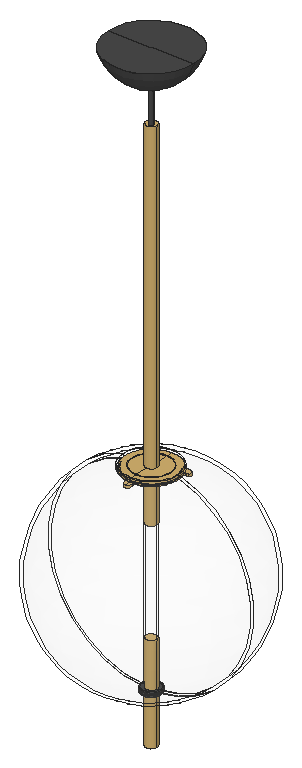
Revit family "CONV_Pholc_GnrlPrpseLmnrs_Kadinsky30", category Lighting Fixtures, host Ceiling, Revit 2017
Family settings
  Host = Ceiling
  Round Connector Dimension = Use Diameter
  Part Type = Normal
  OmniClass Number = 23.80.70.11
  OmniClass Title = Luminaries for Internal Lighting
  Always vertical = Yes
  Cut with Voids When Loaded = No
  Light Source = Yes
  Shared = No
  Room Calculation Point = No
Parameters (values of type "Kandinsky 30 smoked grey")
  Wattage = 2.80729 W
  WarrantyStartDate [instance] = "n/a"
  WarrantyGuarantorParts = "n/a"
  WarrantyGuarantorLabor = "n/a"
  WarrantyDurationUnit = "Year"
  WarrantyDurationParts = "n/a"
  WarrantyDurationLabor = "n/a"
  WarrantyDescription = "n/a"
  built-in parameter 1150110 = 1 (stored number, unit not read)
  VersionDate = "14/05/2019"  # constant formula
  Version = "1"  # constant formula
  UsageCurrent = 0 A
  Uniclass2015Reference = "Pr_70_70_48_86"
  Uniclass2015Description = "Suspended luminaires"
  Uniclass2 = "Pr_70_70_49_86"
  URL = "https://www.pholc.se/our-products/kandinsky-30/"
  TotalWattage = 5 W
  built-in parameter 1114217 = 1 (stored number, unit not read)
  built-in parameter 1150109 = 1 (stored number, unit not read)
  built-in parameter 1150134 = (empty or 0)
  TagNumber [instance] = "n/a"
  SustainabilityPerformance = "n/a"
  built-in parameter 1150113 = 1 (stored number, unit not read)
  Size = "300x300x800 mm"
  Shape = "Sculptured"
  SerialNumber [instance] = "n/a"
  Revision = "n/a"
  ReplacementCost = "n/a"
  ProductInformation = "It functions well as a lamp or object to set the mood of a room, hanging in numbers in a large space or as a single piece over a table."
  ProductDatasheet = "https://www.pholc.se/files/pdf/kandinsky-30.pdf"
  PhaseReference = "n/a"
  PhaseAngle = 0.00°
  NumberOfSources = 0
  NumberOfPoles = 1
  NominalWidth = 300 mm
  NominalVoltageCalc = 0 V
  NominalVoltage = 0 V
  NominalRadius = NominalWidth / 2  # 150 mm
  NominalHeight [instance] = CableControl + 810 mm  # 910 mm
  NominalFrequencyRange = 0 Hz
  NominalDiameter = NominalWidth  # 300 mm
  NominalDepth = 300 mm
  NominalCurrent = 0 A
  Name = "GnrlPrpseLmnrs_Kadinsky30"
  NBSReference = "90-60-50/405"
  NBSDescription = "General purpose luminaires"
  ModelReference = ArticleNumber  # "517119"
  ModelNumber = "n/a"
  Model = "Kandinsky 30 smoked grey"
  Material = "Brass, glass & textile"
  ManufacturersSpecificInformation = "n/a"
  ManufacturerURL = "https://www.pholc.se/"
  ManufacturerName = "Pholc"
  Manufacturer = "Pholc"
  MaintenanceFactor = 0
  Lumens = 417 lm
  built-in parameter 1150115 = 1 (stored number, unit not read)
  built-in parameter 1150105 = 33.184 (stored number, unit not read)
  LightSource = "Exchangeble lightsource – LED, W: 5 LM: 417 K:2700 CRI: 80 dimmable"
  LightFixtureSecondaryMaterial = Black
  LightFixturePlacingType = "Ceiling"
  LightFixtureMountingType = "Suspended"
  LightFixtureMainMaterial = Brass
  Light Source Symbol Size = 609.6 mm
  built-in parameter 1150137 = (empty or 0)
  built-in parameter 1150139 = (empty or 0)
  LensMaterial = Glass smoked grey
  built-in parameter 1150112 = 1 (stored number, unit not read)
  built-in parameter 1150114 = 1 (stored number, unit not read)
  InsulationStandardClass = "Class II"
  InstallationDate [instance] = "n/a"
  built-in parameter 1150132 = 2
  built-in parameter 1150102 = (empty or 0)
  built-in parameter 1150138 = (empty or 0)
  built-in parameter 1150107 = 2700 (stored number, unit not read)
  built-in parameter 1150106 = 0.33184 (stored number, unit not read)
  IfcExportType = "NOTDEFINED"  # constant formula
  IfcExportAs = "IfcLightFixtureType"  # constant formula
  IP_Code = "IP 20"
  HasProtectiveEarth = no
  Grade = "n/a"
  Finish = "n/a"
  Features = "Suspension mounting. Textile cable: black. Ceiling cup: black"
  ExpectedLife = "n/a"
  ElectricalDeviceNominalPower = 0
  built-in parameter 1150104 = 13.8 (stored number, unit not read)
  DurationUnit = "Year"
  Dimming Lamp Color Temperature Shift = <None>
  Designer = "Broberg & Ridderstrale"
  Description = "This pendant lamp is inspired by the abstract circle paintings by Wassily Kandinsky during his years at the renowned Bauhaus school  in the 1920´s. A sphere and a spear act as the main characters in the lamps composition, piercing each other in mid air to create an object that evokes a sensation of weightlessness, fragility and precision.\r\nThe custom made light source is shaped and fitted seamlessly as a part of the brass spear and emits a glowing dimmable light from within the centre in the smoke colored glass.\r\nThe Kandinsky lamp comes in two sizes with a 300 or 450mm wide glass bubble. It functions well as a lamp or object to set the mood of a room, hanging in numbers in a big space or as a single piece over a table."
  DefaultElevation = 0 mm
  ConvergoRefNr = "0103-1905-0001-SE"
  Constituents = "n/a"
  Color Filter = 16777215
  Color = "Various"
  Collection = "Kandinsky"
  CodePerformance = "n/a"
  Category = "Pendant"
  CableLength [instance] = 100 mm
  CableControl [instance] = if(CableLength < 50 mm, 50 mm, if(CableLength > 3000 mm, 3000 mm, CableLength))  # 100 mm
  Brand = "Pholc"
  Barcode [instance] = "n/a"
  built-in parameter 1114218 = 1 (stored number, unit not read)
  BIMObjectName = "CONV_Pholc_GnrlPrpseLmnrs_Kadinsky30"
  Author = "Convergo AB"  # constant formula
  built-in parameter 1150133 = 10 (stored number, unit not read)
  AssetType = "Fixed"
  AssetIdentifier [instance] = "n/a"
  ArticleNumber = "517119"
  AccessibilityPerformance = "n/a"
Types (2, lengths in mm): name | NominalHeight | ModelReference | Model | LensMaterial | CableLength | CableControl | ArticleNumber
  Kandinsky 30 smoked grey | 910 | "517119" | "Kandinsky 30 smoked grey" | Glass smoked grey | 100 | 100 | "517119"
  Kandinsky 30 smoked brown | 1310 | "517112" | "Kandinsky 30 smoked brown" | Glass smoked brown | 500 | 500 | "517112"
Reference planes
  plane 1 "Light Source Axis (F/B)": y = 0
  plane 2: z = 0
  plane 3 "Light Source Axis (L/R)": x = 0
  plane 4 "Ceiling": z = 4000
  plane 5 "Light Source Elevation": z = 3305
  plane 6: z = 3900
  plane 7: z = 3090
  plane 8: x = -150
  plane 9: x = 150
  plane 10: y = -150
  plane 11: y = 150
Forms (mm)
  Revolve 1, solid, material "Black" <- "LightFixtureSecondaryMaterial", detail levels medium+fine
    sketch origin (0, 0, 0) x (1, 0, 0) y (0, 0, 1)
      loop
        line (0, 4000) -> (0, 3953.153)
        arc (0, 3953.153) -> (39.019, 3966.168) -> (62.414, 4000) r 65
        line (62.414, 4000) -> (0, 4000)
      axis (0, 4000) -> (0, 3953.153)
    angle from 0 to 360
  Extrusion 2, solid, material "Brass" <- "LightFixtureMainMaterial", detail levels coarse
    sketch origin (0, 0, 3305) x (-1, 0, 0) y (0, -1, 0)
      loop
        line (150, -150) -> (150, 150) -> (-150, 150) -> (-150, -150) -> (150, -150)
    from -215 to 695
  Revolve 3, solid, material "Black" <- "LightFixtureSecondaryMaterial", detail levels medium+fine
    sketch origin (0, 0, 0) x (1, 0, 0) y (0, 0, 1)
      loop
        line (0, 3900) -> (3, 3900) -> (3, 4000) -> (0, 4000) -> (0, 3900)
      axis (0, 4000) -> (0, 3900)
    angle from 0 to 360
Cuts and joins
  joined: Revolve 1, Revolve 3
Lines and regions (mm)
  symbolic lines, detail levels medium+fine
    curve 1: arc (62.414, 0, 4000) -> (40.209, 0, 3967.082) -> (3, 0, 3953.223) r 65
    curve 2: line (3, 0, 3900) -> (3, 0, 3953.223)
    curve 3: line (-3, 0, 3900) -> (-3, 0, 3953.223)
    curve 5: arc (-3, 0, 3953.223) -> (-40.209, 0, 3967.082) -> (-62.414, 0, 4000) r 65
    curve 6: line (62.414, 0, 4000) -> (-62.414, 0, 4000)
    curve 7: line (0, 62.414, 4000) -> (0, -62.414, 4000)
    curve 8: arc (0, 62.414, 4000) -> (0, 40.209, 3967.082) -> (0, 3, 3953.223) r 65
    curve 9: line (0, 3, 3953.223) -> (0, 3, 3900)
    curve 10: line (0, -3, 3953.223) -> (0, -3, 3900)
    curve 12: arc (0, -3, 3953.223) -> (0, -40.209, 3967.082) -> (0, -62.414, 4000) r 65
  symbolic lines, detail levels fine
    curve 4: arc (3, 0, 3953.223) -> (0, 0, 3953.153) -> (-3, 0, 3953.223) r 65
    curve 11: arc (0, 3, 3953.223) -> (0, 0, 3953.153) -> (0, -3, 3953.223) r 65
Dimensions and locks
  equal spacing: host sketch curve, plane 3 "Light Source Axis (L/R)", host sketch curve
  equal spacing: host sketch curve, plane 1 "Light Source Axis (F/B)", host sketch curve
  host sketch curve to host sketch curve = 4000 mm  (x2)
  locked: plane 4 "Ceiling" to host ceiling at 0
  "NominalHeight": plane 7 to plane 4 "Ceiling"
  equal spacing: plane 8, plane 3 "Light Source Axis (L/R)", plane 9
  "NominalWidth": plane 8 to plane 9
  equal spacing: plane 10, plane 1 "Light Source Axis (F/B)", plane 11
  "NominalDepth": plane 10 to plane 11
  locked: plane 7 to plane 5 "Light Source Elevation" at 215
  "CableControl": plane 6 to plane 4 "Ceiling"
  aligned and locked: plane 3 "Light Source Axis (L/R)" to imposter light
  aligned and locked: plane 1 "Light Source Axis (F/B)" to imposter light
  aligned and locked: plane 5 "Light Source Elevation" to imposter light
  aligned and locked: plane 6 to nested 1
  aligned and locked: plane 6 to curve 2
  aligned and locked: plane 6 to curve 3
  aligned and locked: plane 6 to curve 10
  aligned and locked: plane 6 to curve 9
  aligned and locked: Extrusion 2 to plane 4 "Ceiling"
  aligned and locked: plane 7 to Extrusion 2
  aligned and locked: Revolve 1 to plane 4 "Ceiling"
  aligned and locked: plane 6 to Revolve 3 sketch curve
  aligned and locked: Revolve 1 to Revolve 3 sketch curve
Automatic sketch dimensions
  Revolve 1 sketch curve to plane 3 "Light Source Axis (L/R)" = 0 mm  (x2)
  Revolve 1 sketch curve to plane 4 "Ceiling" = 0 mm
  Revolve 1 sketch curve to Revolve 1 sketch curve = 62.414 mm
  plane 4 "Ceiling" to Revolve 1 sketch curve = 46.847 mm
  Revolve 1 sketch curve to Revolve 1 sketch curve = 5.181 mm
  Revolve 1 sketch curve to Revolve 1 sketch curve = 2.973 mm
  curve 1 to curve 4 = 0 mm  (x2)
  curve 1 to curve 5 = 0 mm  (x2)
  curve 4 to curve 5 = 0 mm  (x2)
  curve 5 to plane 4 "Ceiling" = 0 mm
  curve 5 to plane 3 "Light Source Axis (L/R)" = 0 mm
  curve 3 to plane 3 "Light Source Axis (L/R)" = 3 mm
  curve 6 to plane 3 "Light Source Axis (L/R)" = 62.414 mm
  plane 3 "Light Source Axis (L/R)" to curve 2 = 3 mm
  plane 4 "Ceiling" to curve 2 = 46.777 mm
  plane 4 "Ceiling" to curve 10 = 46.777 mm
  curve 8 to plane 1 "Light Source Axis (F/B)" = 0 mm
  curve 8 to plane 4 "Ceiling" = 18.153 mm
  plane 1 "Light Source Axis (F/B)" to curve 10 = 3 mm
  plane 4 "Ceiling" to curve 12 = 0 mm
  curve 10 to curve 9 = 0 mm
  curve 8 to curve 11 = 0 mm  (x2)
  curve 8 to curve 12 = 0 mm  (x2)
  Extrusion 2 sketch curve to plane 9 = 0 mm
  Extrusion 2 sketch curve to plane 8 = 0 mm
  plane 11 to Extrusion 2 sketch curve = 0 mm
  Extrusion 2 sketch curve to plane 10 = 0 mm
  Revolve 3 sketch curve to plane 3 "Light Source Axis (L/R)" = 0 mm  (x2)
  Revolve 3 sketch curve to plane 6 = 0 mm
  Revolve 3 sketch curve to Revolve 3 sketch curve = 3 mm
  Revolve 3 sketch curve to plane 6 = 10 mm
Nested families
  nested 1: "Kandinsky30" at (0, 0, 3090), Glass <- "LensMaterial", Metal <- "LightFixtureMainMaterial", Rubber <- "LightFixtureSecondaryMaterial", type "Kandinsky30"
    with Rubber Black, Metal Brass, Glass Glass smoked grey
Connectors
  electrical at (0, 0, 4000)
    settings: on cut or joined group of Revolve 1, Revolve 3, index 1, voltage 0 V, apparent load 0 VA, apparent load phase1 0 VA, apparent load phase2 0 VA, apparent load phase3 0 VA, power factor 1, load classification "Other", number of poles 1, system type 31, power factor state 1, is connector primary yes, connector utility no, sub classification motor no, connector description ""
Definition of nested family "Kandinsky30"
  Parameters (values of type "Kandinsky30")
    Rubber [instance] = none
    Metal [instance] = none
    Glass [instance] = none
  Reference planes
    plane 1 "Center (Front/Back)": y = 0
    plane 2: z = 0
    plane 3 "Center (Left/Right)": x = 0
    plane 4: z = 810
    plane 5: x = -150
    plane 6: x = 150
    plane 7: z = 215
    plane 8: y = 150
    plane 9: y = -150
  Forms (mm)
    Revolve 1, solid, material <- "Glass", detail levels medium+fine
      sketch origin (0, 0, 0) x (1, 0, 0) y (0, 0, 1)
        loop
          line (40.13, 365.971) -> (40.13, 360.775)
          arc (40.13, 360.775) -> (144.944, 205.144) -> (9.998, 74.775) r 146.033
          line (9.998, 74.775) -> (9.998, 71.772)
          arc (9.998, 71.772) -> (149.219, 206.155) -> (40.13, 365.971) r 150
        axis (0, 365.971) -> (0, 71.772)
      angle from 0 to 360
    Revolve 2, solid, material <- "Rubber", detail levels medium+fine
      sketch origin (0, 0, 0) x (1, 0, 0) y (0, 0, 1)
        loop
          arc (-13.299, 76.275) -> (-13.794, 76.07) -> (-13.999, 75.575) r 0.7
          line (-13.999, 75.575) -> (-13.999, 74.775) -> (-9.998, 74.775) -> (-9.998, 71.774) -> (-13.999, 71.774) -> (-13.999, 70.943)
          arc (-13.999, 70.943) -> (-13.803, 70.47) -> (-13.33, 70.275) r 0.669
          line (-13.33, 70.275) -> (0, 70.275) -> (0, 76.275) -> (-13.299, 76.275)
        axis (0, 76.275) -> (0, 70.275)
      angle from 0 to 360
    Revolve 3, solid, material <- "Metal", detail levels medium+fine
      sketch origin (0, 0, 0) x (0, 1, 0) y (0, 0, 1)
        loop
          line (0, 350) -> (0, 365) -> (-27.502, 365) -> (-27.502, 363) -> (-35.498, 363) -> (-35.498, 359.004) -> (-8, 350) -> (0, 350)
        axis (0, 365) -> (0, 350)
      angle from 0 to 360
    Revolve 4, solid, material <- "Metal", detail levels medium+fine
      sketch origin (0, 0, 0) x (0, 1, 0) y (0, 0, 1)
        loop
          line (-35.997, 358.999) -> (-35.997, 363) -> (-27.999, 363) -> (-27.999, 365) -> (-37.257, 365) -> (-37.257, 361.277) -> (-47.357, 358.121) -> (-47.357, 356.124) -> (-37.257, 358.999) -> (-35.997, 358.999)
        axis (0, 365) -> (0, 356.124)
      angle from 0 to 360
    Extrusion 5, void
      sketch origin (0, 0, 0) x (1, 0, 0) y (0, 1, 0)
        loop
          line (-5, -39.401) -> (-5, -42)
          arc (-5, -42) -> (0, -47) -> (5, -42) r 5
          line (5, -42) -> (5, -39.401)
          arc (5, -39.401) -> (5.466, -38.117) -> (6.648, -37.432) r 2
          arc (6.648, -37.432) -> (32.905, -18.998) -> (35.741, 12.959) r 38.059
          arc (35.741, 12.959) -> (35.744, 14.325) -> (36.622, 15.37) r 2
          line (36.622, 15.37) -> (38.873, 16.67)
          arc (38.873, 16.67) -> (40.703, 23.5) -> (33.873, 25.33) r 5
          line (33.873, 25.33) -> (31.622, 24.031)
          arc (31.622, 24.031) -> (30.277, 23.793) -> (29.093, 24.473) r 2
          arc (29.093, 24.473) -> (0, 37.997) -> (-29.093, 24.473) r 38.057
          arc (-29.093, 24.473) -> (-30.277, 23.793) -> (-31.622, 24.031) r 2
          line (-31.622, 24.031) -> (-33.873, 25.33)
          arc (-33.873, 25.33) -> (-40.703, 23.5) -> (-38.873, 16.67) r 5
          line (-38.873, 16.67) -> (-36.622, 15.37)
          arc (-36.622, 15.37) -> (-35.744, 14.325) -> (-35.741, 12.959) r 2
          arc (-35.741, 12.959) -> (-32.905, -18.997) -> (-6.648, -37.432) r 38.06
          arc (-6.648, -37.432) -> (-5.466, -38.117) -> (-5, -39.401) r 2
        loop
          circle (0.056, 0.032) r 62.542
      from 323.894 to 381.074
    Extrusion 6, solid, material <- "Metal", detail levels medium+fine
      sketch origin (0, 0, 0) x (1, 0, 0) y (0, 1, 0)
        loop
          circle (0, 0) r 8
      from 0 to 140
    Extrusion 7, solid, material <- "Metal", detail levels medium+fine
      sketch origin (0, 0, 0) x (1, 0, 0) y (0, 1, 0)
        loop
          circle (0, 0) r 8
      from 290 to 810
    Extrusion 8, solid, material <- "Glass", detail levels medium+fine
      sketch origin (0, 0, -150) x (1, 0, 0) y (0, 1, 0)
        loop
          circle (0, 0) r 8
      from 290 to 440
  Cuts and joins
    Extrusion 5 cuts Revolve 4
    joined: Revolve 1, Extrusion 8
    joined: Revolve 3, Extrusion 6, Extrusion 7
  Lines and regions (mm)
    symbolic lines, detail levels medium+fine
      curve 1: line (0, 0, 0) -> (-8, 0, 0)
      curve 2: line (-8, 0, 0) -> (-8, 0, 70.275)
      curve 3: line (-13.325, 0, 70.275) -> (-8, 0, 70.275)
      curve 4: line (-13.999, 0, 71.774) -> (-13.999, 0, 70.949)
      curve 5: arc (-13.999, 0, 70.949) -> (-13.801, 0, 70.472) -> (-13.325, 0, 70.275) r 0.674
      curve 6: line (-13.999, 0, 71.774) -> (-10.133, 0, 71.774)
      curve 7: arc (-40.13, 0, 365.971) -> (-149.226, 0, 206.219) -> (-10.133, 0, 71.774) r 150.004
      curve 8: line (-40.13, 0, 365.971) -> (-8, 0, 365.971)
      curve 9: line (-8, 0, 365.971) -> (-8, 0, 810)
      curve 10: line (-8, 0, 810) -> (-3, 0, 810)
      curve 11: line (0, 0, 0) -> (8, 0, 0)
      curve 12: line (8, 0, 0) -> (8, 0, 70.275)
      curve 13: line (13.325, 0, 70.275) -> (8, 0, 70.275)
      curve 14: line (13.999, 0, 71.774) -> (10.133, 0, 71.774)
      curve 15: arc (40.13, 0, 365.971) -> (149.226, 0, 206.219) -> (10.133, 0, 71.774) r 150.004
      curve 16: line (40.13, 0, 365.971) -> (8, 0, 365.971)
      curve 17: line (8, 0, 365.971) -> (8, 0, 810)
      curve 18: line (8, 0, 810) -> (3, 0, 810)
      curve 19: line (13.999, 0, 71.774) -> (13.999, 0, 70.949)
      curve 20: arc (13.999, 0, 70.949) -> (13.801, 0, 70.472) -> (13.325, 0, 70.275) r 0.674
      curve 24: line (0, 0, 0) -> (0, 8, 0)
      curve 25: line (0, 8, 0) -> (0, 8, 70.275)
      curve 26: line (0, 8, 70.275) -> (0, 13.299, 70.275)
      curve 27: line (0, 13.999, 71.774) -> (0, 13.999, 70.975)
      curve 28: arc (0, 13.999, 70.975) -> (0, 13.794, 70.48) -> (0, 13.299, 70.275) r 0.7
      curve 29: arc (0, 40.13, 365.971) -> (0, 149.221, 206.172) -> (0, 10.031, 71.774) r 150
      curve 30: line (0, 13.999, 71.774) -> (0, 10.031, 71.774)
      curve 32: line (0, 8, 365.971) -> (0, 40.13, 365.971)
      curve 33: line (0, 8, 365.971) -> (0, 8, 810)
      curve 34: line (0, 8, 810) -> (0, 3, 810)
      curve 36: line (0, 0, 0) -> (0, -8, 0)
      curve 37: line (0, -8, 0) -> (0, -8, 70.275)
      curve 38: line (0, -8, 70.275) -> (0, -13.299, 70.275)
      curve 39: line (0, -13.999, 71.774) -> (0, -13.999, 70.975)
      curve 40: arc (0, -13.999, 70.975) -> (0, -13.794, 70.48) -> (0, -13.299, 70.275) r 0.7
      curve 41: arc (0, -40.13, 365.971) -> (0, -149.221, 206.172) -> (0, -10.031, 71.774) r 150
      curve 42: line (0, -13.999, 71.774) -> (0, -10.031, 71.774)
      curve 44: line (0, -8, 365.971) -> (0, -40.13, 365.971)
      curve 45: line (0, -8, 365.971) -> (0, -8, 810)
      curve 46: line (0, -8, 810) -> (0, -3, 810)
      curve 49: circle (0, 0, 0) r 150 normal (0, 0, 1)
    symbolic lines, detail levels fine
      curve 21: line (-8, 0, 365.971) -> (8, 0, 365.971)
      curve 22: line (-10.133, 0, 71.774) -> (10.133, 0, 71.774)
      curve 23: line (-8, 0, 70.275) -> (8, 0, 70.275)
      curve 31: line (0, 0, 365.971) -> (0, 8, 365.971)
      curve 35: line (0, 10.031, 71.774) -> (0, 0, 71.774)
      curve 43: line (0, 0, 365.971) -> (0, -8, 365.971)
      curve 47: line (0, -10.031, 71.774) -> (0, 0, 71.774)
      curve 48: line (0, 3, 810) -> (0, -3, 810)
      curve 50: circle (0, 0, 0) r 62.538 normal (0, 0, 1)
      curve 51: line (-3, 0, 810) -> (3, 0, 810)
      curve 52: line (0, 8, 70.275) -> (0, -8, 70.275)
  Dimensions and locks
    aligned and locked: level to plane 2
